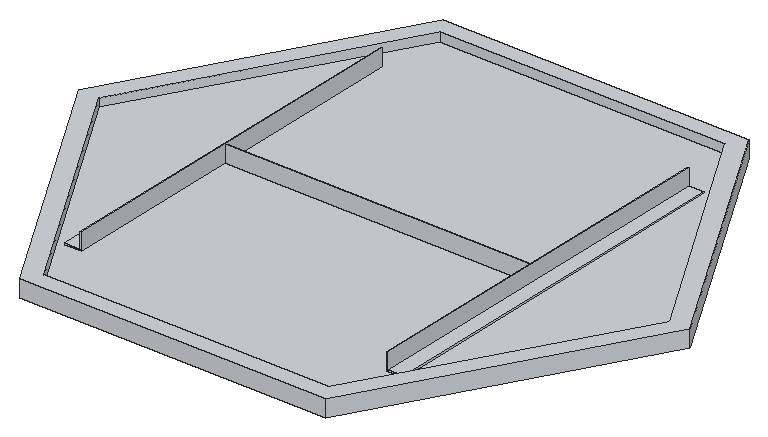
Revit family "J2 PET Felt Hexagon Horizontal Cloud", category Specialty Equipment, Revit 2021
Family settings
  Round Connector Dimension = Use Diameter
  Part Type = Normal
  Work Plane-Based = No
  Always vertical = Yes
  Cut with Voids When Loaded = No
  Shared = No
  Room Calculation Point = No
Parameters (values of type "Hexagon 36"x31"")
  Width - corner to corner (Max. 4'-7") = 3' - 0"
  URL = "https://www.j2systems.net/"
  Symbol Name = "CSHCHX"
  Default Support Width = ([Width - corner to corner (Max. 4'-7")] / 2)  # 1' - 6"
  Style Number = "CSHCHX"
  Release Date = "2019"
  Product Line = "Ceiling System"
  Model = "Horizontal Cloud - Hexagon"
  Manufacturer = "J2 Systems"  # constant formula
  Felt Color [instance] = none
  Default Elevation = 0' - 0"
Reference planes (in)
  plane 1 "Center (Front/Back)": y = 0
  plane 2: z = 0
  plane 3 "Center (Left/Right)": x = 0
  plane 4: x = -9
  plane 5: x = 9
Forms (in)
  Sweep 1, solid
    path origin (0, 0, 0) x (1, 0, 0) y (0, 1, 0)
      loop
        line (-9, -11.08846) -> (-9, 11.08846)
    profile origin (-9, 0, 0) x (-1, 0, 0) y (0, 0, 1)
      loop
        line (0, 0.5) -> (1, 0.5) -> (1, 0.5625) -> (0.0625, 0.5625) -> (0.0625, 1.5) -> (0, 1.5) -> (0, 0.5)
  Sweep 2, solid
    path origin (0, 0, 0) x (1, 0, 0) y (0, 1, 0)
      loop
        line (9, -11.08846) -> (9, 11.08846)
    profile origin (9, 0, 0) x (-1, 0, 0) y (0, 0, 1)
      loop
        line (0, 0.5) -> (0, 1.5) -> (-0.0625, 1.5) -> (-0.0625, 0.5625) -> (-1, 0.5625) -> (-1, 0.5) -> (0, 0.5)
  Sweep 3, solid
    path origin (0, 0, 0) x (1, 0, 0) y (0, 1, 0)
      loop
        line (9, -0.5) -> (-9, -0.5)
    profile origin (0, -0.5, 0) x (0, -1, 0) y (0, 0, 1)
      loop
        line (0, 0.5) -> (0, 1.5) -> (-0.0625, 1.5) -> (-0.0625, 0.5625) -> (-1, 0.5625) -> (-1, 0.5) -> (0, 0.5)
  Extrusion 4, solid, material <- "Felt Color"
    sketch origin (0, 0, 0) x (1, 0, 0) y (0, 1, 0)
      loop
        line (18, 0) -> (9, 15.58846) -> (-9, 15.58846) -> (-18, 0) -> (-9, -15.58846) -> (9, -15.58846) -> (18, 0)
      loop
        line (-8.42265, 14.58846) -> (-16.8453, 0) -> (-8.42265, -14.58846) -> (8.42265, -14.58846) -> (16.8453, 0) -> (8.42265, 14.58846) -> (-8.42265, 14.58846)
    from 0 to 1
  Extrusion 5, solid, material <- "Felt Color"
    sketch origin (0, 0, 0) x (1, 0, 0) y (0, 1, 0)
      loop
        line (-9, 15.58846) -> (-18, 0) -> (-9, -15.58846) -> (9, -15.58846) -> (18, 0) -> (9, 15.58846) -> (-9, 15.58846)
    from 0 to 0.5
Cuts and joins
  joined: Extrusion 4, Extrusion 5
Lines and regions (in)
  model lines, style "InvisibleLines"
    curve 1: line (18.43301, 0.25, 0) -> (18, 0, 0)
    curve 2: line (17.56699, 0.25, 0) -> (18, 0, 0)
    curve 3: line (18, 0, 0) -> (18.43301, -0.25, 0)
    curve 4: line (18, 0, 0) -> (17.56699, -0.25, 0)
    curve 5: line (18, 0.5, 0) -> (18, 0, 0)
    curve 6: line (18, 0, 0) -> (18, -0.5, 0)
    curve 13: line (9, 16.08846, 0) -> (9, 15.58846, 0)
    curve 14: line (8.56699, 15.33846, 0) -> (9, 15.58846, 0)
    curve 15: line (9, 15.58846, 0) -> (9.43301, 15.83846, 0)
    curve 16: line (9, 15.58846, 0) -> (9, 15.08846, 0)
    curve 17: line (8.56699, 15.83846, 0) -> (9, 15.58846, 0)
    curve 18: line (9, 15.58846, 0) -> (9.43301, 15.33846, 0)
    curve 19: line (-9.43301, 15.83846, 0) -> (-9, 15.58846, 0)
    curve 20: line (-9, 15.08846, 0) -> (-9, 15.58846, 0)
    curve 21: line (-9, 15.58846, 0) -> (-9, 16.08846, 0)
    curve 22: line (-9, 15.58846, 0) -> (-8.56699, 15.33846, 0)
    curve 23: line (-9.43301, 15.33846, 0) -> (-9, 15.58846, 0)
    curve 24: line (-9, 15.58846, 0) -> (-8.56699, 15.83846, 0)
    curve 25: line (-18.43301, -0.25, 0) -> (-18, 0, 0)
    curve 26: line (-17.56699, -0.25, 0) -> (-18, 0, 0)
    curve 27: line (-18, 0, 0) -> (-18.43301, 0.25, 0)
    curve 28: line (-18, 0, 0) -> (-17.56699, 0.25, 0)
    curve 29: line (-18, -0.5, 0) -> (-18, 0, 0)
    curve 30: line (-18, 0, 0) -> (-18, 0.5, 0)
    curve 31: line (-9, -16.08846, 0) -> (-9, -15.58846, 0)
    curve 32: line (-8.56699, -15.33846, 0) -> (-9, -15.58846, 0)
    curve 33: line (-9, -15.58846, 0) -> (-9.43301, -15.83846, 0)
    curve 34: line (-9, -15.58846, 0) -> (-9, -15.08846, 0)
    curve 35: line (-8.56699, -15.83846, 0) -> (-9, -15.58846, 0)
    curve 36: line (-9, -15.58846, 0) -> (-9.43301, -15.33846, 0)
    curve 37: line (9.43301, -15.83846, 0) -> (9, -15.58846, 0)
    curve 38: line (9, -15.08846, 0) -> (9, -15.58846, 0)
    curve 39: line (9, -15.58846, 0) -> (9, -16.08846, 0)
    curve 40: line (9, -15.58846, 0) -> (8.56699, -15.33846, 0)
    curve 41: line (9.43301, -15.33846, 0) -> (9, -15.58846, 0)
    curve 42: line (9, -15.58846, 0) -> (8.56699, -15.83846, 0)
  model lines, style "InvisibleLines", not visible
    curve 7: line (24.43301, 0.25, 0) -> (24, 0, 0)
    curve 8: line (23.56699, 0.25, 0) -> (24, 0, 0)
    curve 9: line (24, 0, 0) -> (24.43301, -0.25, 0)
    curve 10: line (24, 0, 0) -> (23.56699, -0.25, 0)
    curve 11: line (24, 0.5, 0) -> (24, 0, 0)
    curve 12: line (24, 0, 0) -> (24, -0.5, 0)
Dimensions and locks (in)
  Sweep 1 sketch curve to Sweep 1 sketch curve to Sweep 1 sketch curve to level = 0' - 0 15/16" locked, 0' - 0 1/16" locked, 0' - 0 1/2" locked
  Sweep 2 sketch curve to Sweep 2 sketch curve to Sweep 2 sketch curve to level = 0' - 0 15/16" locked, 0' - 0 1/16" locked, 0' - 0 1/2" locked
  Sweep 3 sketch curve to Sweep 3 sketch curve to Sweep 3 sketch curve to level = 0' - 0 15/16" locked, 0' - 0 1/16" locked, 0' - 0 1/2" locked
  locked: Extrusion 5 to Extrusion 4 sketch curve at 1  (x6)
  Extrusion 5 to Extrusion 5 = 2' - 7.17691"
  equal spacing: plane 4, plane 3 "Center (Left/Right)", plane 5
  "Default Support Width": plane 4 to plane 5
  locked: cut or joined group of Extrusion 4, Extrusion 5 to Sweep 1 sketch curve at 4.5
  cut or joined group of Extrusion 4, Extrusion 5 to Sweep 1 sketch curve = 0' - 4 1/2"
  equal spacing: Sweep 1 sketch curve, plane 1 "Center (Front/Back)", Sweep 1 sketch curve
  equal spacing: Sweep 2 sketch curve, plane 1 "Center (Front/Back)", Sweep 2 sketch curve
  locked: cut or joined group of Extrusion 4, Extrusion 5 to Sweep 2 sketch curve at 4.5
  locked: Sweep 3 sketch curve to plane 1 "Center (Front/Back)" at 0.5
  "Width - corner to corner (Max. 4'-7")": diameter of radial array
  aligned and locked: plane 2 to level
  aligned and locked: Extrusion 5 sketch curve to curve 22
  aligned and locked: curve 2 to Extrusion 5 sketch curve
  aligned and locked: curve 20 to Extrusion 5 sketch curve
  aligned and locked: Extrusion 5 sketch curve to curve 28
  aligned and locked: Extrusion 5 sketch curve to curve 34
  aligned and locked: curve 26 to Extrusion 5 sketch curve
  aligned and locked: Extrusion 5 sketch curve to curve 6
  aligned and locked: curve 38 to Extrusion 5 sketch curve
  aligned and locked: curve 32 to Extrusion 5 sketch curve
  aligned and locked: Extrusion 5 sketch curve to curve 42
  aligned and locked: curve 14 to Extrusion 5 sketch curve
  aligned and locked: Extrusion 5 sketch curve to curve 18
  aligned and locked: Extrusion 5 to Extrusion 4 sketch curve  (x5)
  aligned and locked: Extrusion 4 sketch curve to Extrusion 5
  aligned and locked: plane 4 to Sweep 1 sketch curve
  aligned and locked: plane 5 to Sweep 2 sketch curve
  aligned and locked: plane 4 to Sweep 3 sketch curve
  aligned and locked: plane 5 to Sweep 3 sketch curve
Automatic sketch dimensions
  curve 40 to curve 37 = 0' - 0.43301"
  curve 38 to curve 37 = 0' - 0.43301"
  curve 37 to curve 37 = 0' - 0.43301"
  curve 39 to curve 37 = 0' - 0"
  curve 40 to curve 37 = 0' - 0 1/4"
  curve 39 to curve 37 = 0' - 0 1/4"
  curve 42 to curve 40 = 0' - 0 1/4"
  curve 37 to curve 38 = 0' - 0 1/4"
  curve 39 to curve 37 = 0' - 0 1/2"
  curve 38 to curve 41 = 0' - 0 1/4"
  curve 4 to curve 1 = 0' - 0.43301"
  curve 2 to curve 1 = 0' - 0.43301"
  curve 1 to curve 1 = 0' - 0.43301"
  curve 3 to curve 1 = 0' - 0"
  curve 4 to curve 1 = 0' - 0 1/4"
  curve 3 to curve 1 = 0' - 0 1/4"
  curve 6 to curve 4 = 0' - 0 1/4"
  curve 1 to curve 2 = 0' - 0 1/4"
  curve 3 to curve 1 = 0' - 0 1/2"
  curve 2 to curve 5 = 0' - 0 1/4"
  curve 10 to curve 7 = 0' - 0.43301"
  curve 8 to curve 7 = 0' - 0.43301"
  curve 7 to curve 7 = 0' - 0.43301"
  curve 9 to curve 7 = 0' - 0"
  curve 10 to curve 7 = 0' - 0 1/4"
  curve 9 to curve 7 = 0' - 0 1/4"
  curve 12 to curve 10 = 0' - 0 1/4"
  curve 7 to curve 8 = 0' - 0 1/4"
  curve 9 to curve 7 = 0' - 0 1/2"
  curve 8 to curve 11 = 0' - 0 1/4"
  curve 16 to curve 13 = 0' - 0.43301"
  curve 14 to curve 13 = 0' - 0.43301"
  curve 13 to curve 13 = 0' - 0.43301"
  curve 15 to curve 13 = 0' - 0"
  curve 16 to curve 13 = 0' - 0 1/4"
  curve 15 to curve 13 = 0' - 0 1/4"
  curve 18 to curve 16 = 0' - 0 1/4"
  curve 13 to curve 14 = 0' - 0 1/4"
  curve 15 to curve 13 = 0' - 0 1/2"
  curve 14 to curve 17 = 0' - 0 1/4"
  curve 22 to curve 19 = 0' - 0.43301"
  curve 20 to curve 19 = 0' - 0.43301"
  curve 19 to curve 19 = 0' - 0.43301"
  curve 21 to curve 19 = 0' - 0"
  curve 22 to curve 19 = 0' - 0 1/4"
  curve 21 to curve 19 = 0' - 0 1/4"
  curve 24 to curve 22 = 0' - 0 1/4"
  curve 19 to curve 20 = 0' - 0 1/4"
  curve 21 to curve 19 = 0' - 0 1/2"
  curve 20 to curve 23 = 0' - 0 1/4"
  curve 28 to curve 25 = 0' - 0.43301"
  curve 26 to curve 25 = 0' - 0.43301"
  curve 25 to curve 25 = 0' - 0.43301"
  curve 27 to curve 25 = 0' - 0"
  curve 28 to curve 25 = 0' - 0 1/4"
  curve 27 to curve 25 = 0' - 0 1/4"
  curve 30 to curve 28 = 0' - 0 1/4"
  curve 25 to curve 26 = 0' - 0 1/4"
  curve 27 to curve 25 = 0' - 0 1/2"
  curve 26 to curve 29 = 0' - 0 1/4"
  curve 34 to curve 31 = 0' - 0.43301"
  curve 32 to curve 31 = 0' - 0.43301"
  curve 31 to curve 31 = 0' - 0.43301"
  curve 33 to curve 31 = 0' - 0"
  curve 34 to curve 31 = 0' - 0 1/4"
  curve 33 to curve 31 = 0' - 0 1/4"
  curve 36 to curve 34 = 0' - 0 1/4"
  curve 31 to curve 32 = 0' - 0 1/4"
  curve 33 to curve 31 = 0' - 0 1/2"
  curve 32 to curve 35 = 0' - 0 1/4"
  Sweep 1 sketch curve to profile plane = 0' - 0"
  Sweep 1 sketch curve to Sweep 1 sketch curve = 0' - 0 1/16"
  Sweep 1 sketch curve to Sweep 1 sketch curve = 0' - 0 15/16"
  Sweep 2 sketch curve to profile plane = 0' - 0"
  profile plane to Sweep 2 sketch curve = 0' - 0 1/16"
  Sweep 2 sketch curve to Sweep 2 sketch curve = 0' - 0 15/16"
  Sweep 3 sketch curve to profile plane = 0' - 0"
  profile plane to Sweep 3 sketch curve = 0' - 0 1/16"
  Sweep 3 sketch curve to Sweep 3 sketch curve = 0' - 0 15/16"
